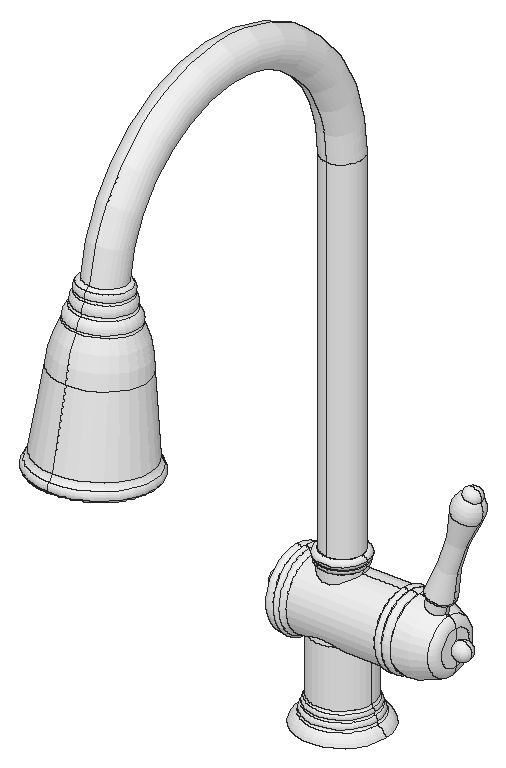
Revit family "Faucet_Kitchen-Pull_Down-DXV-Victorian-D35402300_Series", category Plumbing Fixtures, Revit 2014
Parameters (values of type "D35402300.100")
  Width = 2 1/4"  # constant formula
  Waste Connection = no
  Warranty Documentation Link = "https://www.dxv.com/-/media/files/dxv/warranty/dxv_warranty_booklet.ashx"
  WFU = 2  # constant formula
  Vent Connection = no
  URL = "http://www.dxv.com/"
  Revised Date = "21/09/2017"  # constant formula
  Product Page URL = "https://www.dxv.com/product/victorian-pull-down-kitchen-faucet-by-dxv"
  Product Documentation Link = "https://dxv01.blob.core.windows.net/dxv-product-pdf-files/spec_D35402300_DXV_Victorian_pulldown_kitch_EN.pdf"
  Price = "Prices may vary. Please consult Manufacturer Representative for most up-to-date price list."  # constant formula
  Model = "D35402300.100"
  Material = "Metal-DXV-100-Polished Chrome"
  Length = 8 3/32"  # constant formula
  Hot Water Connection Diameter = 3/8"  # constant formula
  Height = 17 21/32"  # constant formula
  Finish = Metal-DXV-100-Polished Chrome
  Manufacturer = "DXV"  # constant formula
  Installation Type = "Deck Mounted"  # constant formula
  HWFU = 1.5  # constant formula
  HW Connection = yes
  Flow Rate = "1.8 GPM (6.8L/min)"  # constant formula
  Description = "Victorian Pull-Down Kitchen Faucet"  # constant formula
  Default Elevation = 0"
  Creation Date = "07/02/2014"  # constant formula
  Cold Water Connection Diameter = 3/8"  # constant formula
  CalGreen Compliant = yes
  CWFU = 1.5  # constant formula
  CW Connection = yes
  Assembly Code = "D2020300"
  ADA Compliant = yes
Types (4): name | Model | Material | Finish
  (no name) | "D35402300.100" | "Metal-DXV-100-Polished Chrome" | Metal-DXV-100-Polished Chrome
  D35402300.110 | "D35402300.110" | "Metal-DXV-110-Carbon Bronze" | Metal-DXV-110-Carbon Bronze
  D35402300.100 | "D35402300.100" | "Metal-DXV-100-Polished Chrome" | Metal-DXV-100-Polished Chrome
  D35402300.355 | "D35402300.355" | "Metal-DXV-355-Ultra Steel" | Metal-DXV-355-Ultra Steel
Reference planes (in)
  plane 1 "Center (Front/Back)": y = 0
  plane 2: z = 0
  plane 3 "Center (Left/Right)": x = 0
  plane 4: x = 3.375
  plane 5: z = 2.75
  plane 6: y = -8.09375
  plane 7: z = 17.65625
  plane 8: x = 1.125
  plane 9: x = -1.125
  plane 10: y = -1.125
  plane 11: y = 1.125
  plane 12: z = 9.28125
Forms (in)
  Revolve 1, solid, material "Metal-DXV-100-Polished Chrome" <- "Finish"
    sketch origin (-0.207, 0, 0) x (1, 0, 0) y (0, 0, 1)
      loop
        line (0.207, 0) -> (0.207, 4.06933) -> (-0.31793, 4.06933)
        arc (-0.31793, 4.06933) -> (-0.39939, 4.03311) -> (-0.42707, 3.94836) r 0.10972
        arc (-0.42707, 3.94836) -> (-0.41702, 3.91225) -> (-0.39555, 3.88152) r 0.11145
        arc (-0.39555, 3.88152) -> (-0.38709, 3.86413) -> (-0.39088, 3.84517) r 0.03025
        arc (-0.39088, 3.84517) -> (-0.3944, 3.79831) -> (-0.35999, 3.7663) r 0.05423
        arc (-0.35999, 3.7663) -> (-0.34318, 3.75433) -> (-0.33674, 3.73472) r 0.03306
        line (-0.33674, 3.73472) -> (-0.33674, 2.84538)
        arc (-0.33674, 2.84538) -> (-0.35012, 2.754) -> (-0.38912, 2.67029) r 0.31883
        line (-0.38912, 2.67029) -> (-0.43013, 2.60788)
        arc (-0.43013, 2.60788) -> (-0.53116, 2.39107) -> (-0.5658, 2.15439) r 0.82575
        line (-0.5658, 2.15439) -> (-0.5658, 0.67364)
        arc (-0.5658, 0.67364) -> (-0.57355, 0.63557) -> (-0.59555, 0.60355) r 0.09748
        arc (-0.59555, 0.60355) -> (-0.62617, 0.55196) -> (-0.62632, 0.49197) r 0.11381
        arc (-0.62632, 0.49197) -> (-0.62739, 0.46283) -> (-0.64476, 0.43941) r 0.04921
        arc (-0.64476, 0.43941) -> (-0.6885, 0.38302) -> (-0.69573, 0.31201) r 0.12949
        arc (-0.69573, 0.31201) -> (-0.70041, 0.27724) -> (-0.72452, 0.25176) r 0.05718
        arc (-0.72452, 0.25176) -> (-0.84771, 0.1462) -> (-0.918, 0) r 0.39449
        line (-0.918, 0) -> (0.207, 0)
      axis (0.207, 4.06933) -> (0.207, 0)
    angle from 0 to 360
  Sweep 2, solid, material "Metal-DXV-100-Polished Chrome" <- "Finish"
    path origin (0, 0, 0) x (0, 1, 0) y (0, 0, 1)
      loop
        line (0, 3.2499) -> (0, 13.28657)
        arc (0, 13.28657) -> (-4.01287, 17.16288) -> (-7.74799, 13.01826) r 3.87864
    profile origin (0, 0, 8.26823) x (0, -1, 0) y (1, 0, 0)
      loop
        circle (0, 0) r 0.5
  Revolve 3, solid, material "Metal-DXV-100-Polished Chrome" <- "Finish"
    sketch origin (0, 0.34116, -0.14388) x (0, 1, 0) y (0, 0, 1)
      loop
        line (-8.4754, 9.44918) -> (-7.87358, 9.39458) -> (-7.86954, 9.43908)
        arc (-7.86954, 9.43908) -> (-7.44628, 9.42553) -> (-7.02281, 9.42483) r 13.96017
        arc (-7.02281, 9.42483) -> (-7.00199, 9.43028) -> (-6.98614, 9.44482) r 0.04473
        arc (-6.98614, 9.44482) -> (-6.95701, 9.55388) -> (-6.99977, 9.65835) r 0.17689
        arc (-6.99977, 9.65835) -> (-7.04852, 9.73472) -> (-7.07338, 9.82185) r 0.31329
        arc (-7.07338, 9.82185) -> (-7.15441, 10.79237) -> (-7.13913, 11.76616) r 9.84161
        arc (-7.13913, 11.76616) -> (-7.1632, 12.32706) -> (-7.30699, 12.86976) r 2.60259
        arc (-7.30699, 12.86976) -> (-7.31329, 12.8978) -> (-7.31124, 12.92646) r 0.09867
        arc (-7.31124, 12.92646) -> (-7.31958, 13.0766) -> (-7.40464, 13.20059) r 0.27895
        arc (-7.40464, 13.20059) -> (-7.42567, 13.23375) -> (-7.42361, 13.27296) r 0.06459
        arc (-7.42361, 13.27296) -> (-7.40741, 13.40078) -> (-7.45091, 13.52206) r 0.27641
        arc (-7.45091, 13.52206) -> (-7.46145, 13.55224) -> (-7.45661, 13.58383) r 0.0662
        arc (-7.45661, 13.58383) -> (-7.44087, 13.67158) -> (-7.46369, 13.75776) r 0.20596
        arc (-7.46369, 13.75776) -> (-7.5119, 13.81186) -> (-7.58019, 13.83612) r 0.14598
        line (-7.58019, 13.83612) -> (-8.07337, 13.88086) -> (-8.4754, 9.44918)
      axis (-8.07337, 13.88086) -> (-8.4754, 9.44918)
    angle from 0 to 360
  Revolve 4, solid, material "Metal-DXV-100-Polished Chrome" <- "Finish"
    sketch origin (-0.14426, 0, 0.28313) x (1, 0, 0) y (0, 0, 1)
      loop
        line (2.12219, 2.46687) -> (2.12219, 1.81126)
        arc (2.12219, 1.81126) -> (2.58577, 2.00329) -> (2.7778, 2.46687) r 0.6556
        line (2.7778, 2.46687) -> (2.12219, 2.46687)
      axis (2.7778, 2.46687) -> (2.12219, 2.46687)
    angle from 0 to 360
  Extrusion 5, solid, material "Metal-DXV-100-Polished Chrome" <- "Finish"
    sketch origin (0, 0, 0) x (1, 0, 0) y (0, 1, 0)
      loop
        circle (-0.30469, -0.00024) r 0.1875
      loop
        circle (0.30469, -0.00024) r 0.1875
    from -0.02944 to 0.27207
  Revolve 6, solid, material "Metal-DXV-100-Polished Chrome" <- "Finish"
    sketch origin (0.00092, 0, 0) x (1, 0, 0) y (0, 0, 1)
      loop
        line (3.375, 2.75) -> (-1.82126, 2.75)
        arc (-1.82126, 2.75) -> (-1.66604, 2.48533) -> (-1.36333, 2.53545) r 0.27082
        arc (-1.36333, 2.53545) -> (-1.35986, 2.37879) -> (-1.35453, 2.22218) r 13.21272
        arc (-1.35453, 2.22218) -> (-1.34503, 2.18718) -> (-1.32126, 2.15979) r 0.08127
        arc (-1.32126, 2.15979) -> (-1.30817, 2.14498) -> (-1.30251, 2.12605) r 0.04602
        arc (-1.30251, 2.12605) -> (-1.28795, 1.99441) -> (-1.26394, 1.86416) r 1.83867
        arc (-1.26394, 1.86416) -> (-1.17705, 1.76581) -> (-1.04755, 1.78717) r 0.13555
        arc (-1.04755, 1.78717) -> (-1.02833, 1.7912) -> (-1.01354, 1.77828) r 0.02202
        arc (-1.01354, 1.77828) -> (-0.94622, 1.73244) -> (-0.87751, 1.77616) r 0.07405
        arc (-0.87751, 1.77616) -> (-0.82899, 1.83271) -> (-0.75752, 1.85382) r 0.13152
        line (-0.75752, 1.85382) -> (1.54253, 1.85382)
        arc (1.54253, 1.85382) -> (1.55853, 1.85044) -> (1.57181, 1.84087) r 0.03958
        arc (1.57181, 1.84087) -> (1.64499, 1.80677) -> (1.72064, 1.83501) r 0.10449
        arc (1.72064, 1.83501) -> (1.73751, 1.84217) -> (1.755, 1.8367) r 0.02656
        arc (1.755, 1.8367) -> (1.86191, 1.80924) -> (1.95566, 1.8675) r 0.14048
        arc (1.95566, 1.8675) -> (1.97223, 1.9011) -> (1.97793, 1.93812) r 0.12308
        line (1.97793, 1.93812) -> (1.97793, 1.81735)
        arc (1.97793, 1.81735) -> (2.39957, 1.88669) -> (2.79699, 2.04368) r 2.00798
        arc (2.79699, 2.04368) -> (2.90991, 2.14989) -> (2.95155, 2.29922) r 0.28852
        line (2.95155, 2.29922) -> (2.95155, 2.62054)
        arc (2.95155, 2.62054) -> (3.21117, 2.5286) -> (3.375, 2.75) r 0.23151
      axis (3.375, 2.75) -> (-1.82126, 2.75)
    angle from 0 to 360
  Revolve 7, solid, material "Metal-DXV-100-Polished Chrome" <- "Finish"
    sketch origin (0.08671, 0, -0.08579) x (1, 0, 0) y (0, 0, 1)
      loop
        line (2.27429, 3.34533) -> (2.45432, 3.28683)
        arc (2.45432, 3.28683) -> (2.52338, 3.29318) -> (2.56632, 3.34764) r 0.08785
        line (2.56632, 3.34764) -> (2.69414, 3.82469)
        arc (2.69414, 3.82469) -> (2.70453, 3.83786) -> (2.72122, 3.8394) r 0.02124
        line (2.72122, 3.8394) -> (2.76452, 3.82533)
        arc (2.76452, 3.82533) -> (2.79686, 3.8298) -> (2.81338, 3.85797) r 0.03742
        arc (2.81338, 3.85797) -> (3.03223, 4.94708) -> (3.50257, 5.95347) r 4.66119
        arc (3.50257, 5.95347) -> (3.58092, 6.20963) -> (3.52174, 6.47088) r 0.52136
        arc (3.52174, 6.47088) -> (3.51355, 6.63694) -> (3.37229, 6.72462) r 0.17898
        line (3.37229, 6.72462) -> (2.27429, 3.34533)
      axis (3.37229, 6.72462) -> (2.27429, 3.34533)
    angle from 0 to 360
  Extrusion 8, void
    sketch origin (-0.15973, 0, 0.27407) x (1, 0, 0) y (0, 0, 1)
      loop
        line (2.13858, 3.49887) -> (2.13858, 1.4645) -> (2.5259, 1.4645) -> (2.16986, 2.16326) -> (2.16986, 3.49887) -> (2.13858, 3.49887)
    from -1.02205 to 1.02819
  Extrusion 9, solid, material "Rubber-DXV-Black"
    sketch origin (0, 0, 0) x (0, 1, 0) y (0, 0, 1)
      loop
        line (-7.10253, 12.35018) -> (-7.29981, 9.9348) -> (-6.69525, 10.09679)
        arc (-6.69525, 10.09679) -> (-6.50452, 10.23034) -> (-6.44425, 10.45524) r 0.34039
        line (-6.44425, 10.45524) -> (-6.5043, 11.14157)
        arc (-6.5043, 11.14157) -> (-6.60715, 11.58705) -> (-6.8288, 11.98693) r 1.64255
        line (-6.8288, 11.98693) -> (-7.10253, 12.35018)
    from -0.26875 to 0.28403
Cuts and joins
  Extrusion 8 cuts Revolve 1
  Extrusion 8 cuts Sweep 2
  Extrusion 8 cuts Revolve 3
  Extrusion 8 cuts Revolve 6
  joined: Revolve 1, Sweep 2, Revolve 3, Revolve 4, Revolve 6
Lines and regions (in)
  Masking region 1
    outline origin (0, 0, 0) x (1, 0, 0) y (0, 1, 0)
      loop
        arc (0.68047, 0.89587) -> (-0.00167, 1.125) -> (-0.68313, 0.89384) r 1.125
        line (-0.68313, 0.89384) -> (-0.75579, 0.89384)
        arc (-0.75579, 0.89384) -> (-0.82992, 0.9266) -> (-0.88605, 0.98506) r 0.20938
        arc (-0.88605, 0.98506) -> (-0.952, 1.01745) -> (-1.01131, 0.9741) r 0.07099
        arc (-1.01131, 0.9741) -> (-1.03296, 0.96037) -> (-1.058, 0.96587) r 0.03365
        arc (-1.058, 0.96587) -> (-1.15811, 0.98694) -> (-1.24303, 0.9299) r 0.13152
        arc (-1.24303, 0.9299) -> (-1.28227, 0.78182) -> (-1.30136, 0.62982) r 1.14346
        arc (-1.30136, 0.62982) -> (-1.30481, 0.60652) -> (-1.32044, 0.58891) r 0.04125
        arc (-1.32044, 0.58891) -> (-1.34195, 0.56708) -> (-1.35112, 0.53784) r 0.06523
        arc (-1.35112, 0.53784) -> (-1.35935, 0.37629) -> (-1.36241, 0.21455) r 5.07309
        arc (-1.36241, 0.21455) -> (-1.82692, 0) -> (-1.36241, -0.21455) r 0.2818
        arc (-1.36241, -0.21455) -> (-1.35935, -0.37629) -> (-1.35112, -0.53784) r 5.07309
        arc (-1.35112, -0.53784) -> (-1.34195, -0.56708) -> (-1.32044, -0.58891) r 0.06523
        arc (-1.32044, -0.58891) -> (-1.30481, -0.60652) -> (-1.30136, -0.62982) r 0.04125
        arc (-1.30136, -0.62982) -> (-1.28227, -0.78182) -> (-1.24303, -0.9299) r 1.14346
        arc (-1.24303, -0.9299) -> (-1.15811, -0.98694) -> (-1.058, -0.96587) r 0.13152
        arc (-1.058, -0.96587) -> (-1.03296, -0.96037) -> (-1.01131, -0.9741) r 0.03365
        arc (-1.01131, -0.9741) -> (-0.952, -1.01745) -> (-0.88605, -0.98506) r 0.07099
        arc (-0.88605, -0.98506) -> (-0.82992, -0.9266) -> (-0.75579, -0.89384) r 0.20938
        line (-0.75579, -0.89384) -> (-0.68313, -0.89384)
        arc (-0.68313, -0.89384) -> (-0.5943, -0.95521) -> (-0.5, -1.00778) r 1.125
        line (-0.5, -1.00778) -> (-0.5, -6.7039)
        arc (-0.5, -6.7039) -> (0, -9.64532) -> (0.5, -6.7039) r 1.51321
        line (0.5, -6.7039) -> (0.5, -1.00778)
        arc (0.5, -1.00778) -> (0.59288, -0.95609) -> (0.68047, -0.89587) r 1.125
        line (0.68047, -0.89587) -> (1.53464, -0.89587)
        arc (1.53464, -0.89587) -> (1.55057, -0.89783) -> (1.56404, -0.90657) r 0.03569
        arc (1.56404, -0.90657) -> (1.64085, -0.94158) -> (1.72089, -0.91479) r 0.11515
        arc (1.72089, -0.91479) -> (1.73658, -0.90908) -> (1.75227, -0.91479) r 0.02441
        arc (1.75227, -0.91479) -> (1.89922, -0.93414) -> (1.97885, -0.80914) r 0.13792
        line (1.97885, -0.80914) -> (1.97885, -0.6556) -> (2.01014, -0.6556) -> (2.01014, -0.93064)
        arc (2.01014, -0.93064) -> (2.44224, -0.85291) -> (2.84394, -0.67572) r 1.85329
        arc (2.84394, -0.67572) -> (2.92777, -0.58326) -> (2.94471, -0.45962) r 0.21105
        line (2.94471, -0.45962) -> (2.94471, -0.23573)
        arc (2.94471, -0.23573) -> (2.97628, -0.23985) -> (3.0025, -0.25791) r 0.06793
        arc (3.0025, -0.25791) -> (3.67628, 0) -> (3.0025, 0.25791) r 0.38625
        arc (3.0025, 0.25791) -> (2.97628, 0.23985) -> (2.94471, 0.23573) r 0.06793
        line (2.94471, 0.23573) -> (2.94471, 0.45962)
        arc (2.94471, 0.45962) -> (2.92777, 0.58326) -> (2.84394, 0.67572) r 0.21105
        arc (2.84394, 0.67572) -> (2.44224, 0.85291) -> (2.01014, 0.93064) r 1.85329
        line (2.01014, 0.93064) -> (2.01014, 0.6556) -> (1.97885, 0.6556) -> (1.97885, 0.80914)
        arc (1.97885, 0.80914) -> (1.89922, 0.93414) -> (1.75227, 0.91479) r 0.13792
        arc (1.75227, 0.91479) -> (1.73658, 0.90908) -> (1.72089, 0.91479) r 0.02441
        arc (1.72089, 0.91479) -> (1.64085, 0.94158) -> (1.56404, 0.90657) r 0.11515
        arc (1.56404, 0.90657) -> (1.55057, 0.89783) -> (1.53464, 0.89587) r 0.03569
        line (1.53464, 0.89587) -> (0.68047, 0.89587)
  symbolic lines, detail levels medium+fine
    curve 1: line (-0.5, -6.7039, 0) -> (-0.5, -7.75925, 0)
    curve 2: line (0.5, -6.7039, 0) -> (0.5, -7.75925, 0)
    curve 3: arc (0.5, -7.75925, 0) -> (0, -8.25925, 0) -> (-0.5, -7.75925, 0) r 0.5
    curve 4: line (-0.5, -1.00778, 0) -> (-0.5, 0, 0)
    curve 5: line (-0.68313, -0.89384, 0) -> (-0.5, -0.89384, 0)
    curve 6: line (0.5, -1.00778, 0) -> (0.5, 0, 0)
    curve 7: line (0.68047, -0.89587, 0) -> (0.5, -0.89587, 0)
    curve 8: line (-0.68313, 0.89384, 0) -> (0.68313, 0.89384, 0)
    curve 9: arc (-0.5, 0, 0) -> (0, 0.5, 0) -> (0.5, 0, 0) r 0.5
    curve 15: line (1.97885, 0.6556, 0) -> (1.97885, -0.6556, 0)
    curve 16: line (2.01014, -0.65481, 0) -> (2.01014, 0.6556, 0)
  symbolic lines, detail levels fine
    curve 10: arc (-0.5, -0.58926, 0) -> (0, 0.77281, 0) -> (0.5, -0.58926, 0) r 0.77281
    curve 11: arc (-0.5, -0.21367, 0) -> (0, 0.54374, 0) -> (0.5, -0.21367, 0) r 0.54374
    curve 12: arc (-0.5, -0.39384, 0) -> (0, 0.63101, 0) -> (0.5, -0.39384, 0) r 0.6344
    curve 13: line (-1.36241, 0.21455, 0) -> (-1.36241, -0.21455, 0)
    curve 14: line (2.94471, 0.23573, 0) -> (2.94471, -0.23573, 0)
    curve 17: arc (-0.5, -7.37498, 0) -> (0, -8.38179, 0) -> (0.5, -7.37498, 0) r 0.62756
    curve 18: arc (-0.5, -7.13007, 0) -> (0, -8.64983, 0) -> (0.5, -7.13007, 0) r 0.84213
Dimensions and locks (in)
  plane 5 to plane 2 = 2 3/4"
  "Height": plane 2 to plane 7
  "Length": plane 1 "Center (Front/Back)" to plane 6
  plane 12 to level = 9 9/32"
Automatic sketch dimensions
  Sweep 2 sketch curve to plane 1 "Center (Front/Back)" = 0"
  plane 10 to Sweep 2 sketch curve = 2.75364"
  Sweep 2 sketch curve to plane 6 = 0.34576"
  plane 5 to Sweep 2 sketch curve = 0.4999"
  Sweep 2 sketch curve to plane 3 "Center (Left/Right)" = 0"
  Sweep 2 sketch curve to profile plane = 0"
  Revolve 4 sketch curve to plane 5 = 0"  (x2)
  plane 8 to Revolve 4 sketch curve = 0.85293"
  Revolve 4 sketch curve to Revolve 4 sketch curve = 0.6556"
  Revolve 4 sketch curve to Revolve 4 sketch curve = 1/4"
  Revolve 4 sketch curve to Revolve 4 sketch curve = 0"
  plane 1 "Center (Front/Back)" to Extrusion 5 sketch curve = 0.00024"  (x2)
  Extrusion 5 sketch curve to plane 3 "Center (Left/Right)" = 39/128"
  plane 3 "Center (Left/Right)" to Extrusion 5 sketch curve = 39/128"
  Revolve 6 sketch curve to plane 5 = 0"  (x3)
  Revolve 6 sketch curve to plane 4 = 5.19534"
  Revolve 6 sketch curve to plane 5 = 0.01943"
  Revolve 6 sketch curve to Revolve 6 sketch curve = 0.27012"
  Revolve 6 sketch curve to Revolve 6 sketch curve = 0.20274"
  Revolve 6 sketch curve to Revolve 6 sketch curve = 0.07508"
  Revolve 6 sketch curve to Revolve 6 sketch curve = 0.21679"
  Revolve 6 sketch curve to Revolve 6 sketch curve = 0.09771"
  Revolve 6 sketch curve to Revolve 6 sketch curve = 0.08883"
  Revolve 6 sketch curve to Revolve 6 sketch curve = 0.18754"
  Revolve 6 sketch curve to plane 5 = 0.4877"
  Revolve 6 sketch curve to Revolve 6 sketch curve = 1.28863"
  Revolve 6 sketch curve to Revolve 6 sketch curve = 1.01142"
  Revolve 6 sketch curve to Revolve 6 sketch curve = 0.10658"
  Revolve 6 sketch curve to Revolve 6 sketch curve = 0.08971"
  Revolve 6 sketch curve to Revolve 6 sketch curve = 0.10178"
  Revolve 6 sketch curve to Revolve 6 sketch curve = 0.01426"
  Revolve 6 sketch curve to Revolve 6 sketch curve = 0.02415"
  Revolve 6 sketch curve to Revolve 6 sketch curve = 0.12308"
  Revolve 6 sketch curve to Revolve 6 sketch curve = 0.68511"
  Revolve 6 sketch curve to Revolve 6 sketch curve = 0.28852"
  Revolve 6 sketch curve to Revolve 6 sketch curve = 0.19193"
  Revolve 6 sketch curve to Revolve 6 sketch curve = 0.23151"
  Revolve 6 sketch curve to Revolve 6 sketch curve = 8 121/256"
  Revolve 6 sketch curve to plane 5 = 0.52458"
  Revolve 6 sketch curve to Revolve 6 sketch curve = 0.10279"
  Revolve 6 sketch curve to plane 5 = 0.8019"
  Revolve 6 sketch curve to Revolve 6 sketch curve = 0.00999"
  Revolve 6 sketch curve to Revolve 6 sketch curve = 0.03692"
  Revolve 6 sketch curve to Revolve 6 sketch curve = 0.22912"
  Revolve 6 sketch curve to Revolve 6 sketch curve = 0.05736"
  Revolve 6 sketch curve to Revolve 6 sketch curve = 0.12077"
  Revolve 6 sketch curve to Revolve 6 sketch curve = 0.09554"
  Revolve 6 sketch curve to Revolve 6 sketch curve = 0.03958"
  Revolve 6 sketch curve to Revolve 6 sketch curve = 0.04733"
  Revolve 6 sketch curve to Revolve 6 sketch curve = 0.03659"
  Revolve 6 sketch curve to Revolve 6 sketch curve = 0.13152"
  Revolve 6 sketch curve to Revolve 6 sketch curve = 0.32132"
  plane 5 to Revolve 6 sketch curve = 1.07213"
  Revolve 6 sketch curve to Revolve 6 sketch curve = 1/8"  (x2)
  Revolve 6 sketch curve to plane 5 = 0.21455"
  Revolve 6 sketch curve to Revolve 6 sketch curve = 0"  (x11)
  plane 5 to Revolve 7 sketch curve = 0.50954"
  Revolve 7 sketch curve to plane 4 = 1.014"
  plane 5 to Revolve 7 sketch curve = 0.45104"
  Revolve 7 sketch curve to Revolve 7 sketch curve = 0.18003"
  Revolve 7 sketch curve to Revolve 7 sketch curve = 0.02715"
  plane 5 to Revolve 7 sketch curve = 0.51186"
  Revolve 7 sketch curve to Revolve 7 sketch curve = 0.08485"
  plane 5 to Revolve 7 sketch curve = 0.9889"
  Revolve 7 sketch curve to Revolve 7 sketch curve = 0.12782"
  Revolve 7 sketch curve to Revolve 7 sketch curve = 0.02052"
  plane 5 to Revolve 7 sketch curve = 1.00361"
  Revolve 7 sketch curve to Revolve 7 sketch curve = 0.00656"
  plane 5 to Revolve 7 sketch curve = 0.98954"
  Revolve 7 sketch curve to Revolve 7 sketch curve = 0.04329"
  Revolve 7 sketch curve to Revolve 7 sketch curve = 0.01156"
  Revolve 7 sketch curve to Revolve 7 sketch curve = 0.28384"
  Revolve 7 sketch curve to Revolve 7 sketch curve = 0.29941"
  plane 5 to Revolve 7 sketch curve = 0.655"
  Revolve 7 sketch curve to Revolve 7 sketch curve = 4.684"
  Revolve 7 sketch curve to Revolve 7 sketch curve = 0.03559"
  Revolve 7 sketch curve to Revolve 7 sketch curve = 0.4957"
  Revolve 7 sketch curve to Revolve 7 sketch curve = 0.17851"
  Revolve 7 sketch curve to Revolve 7 sketch curve = 0"  (x2)
  plane 5 to Revolve 7 sketch curve = 2.41743"
  Revolve 7 sketch curve to Revolve 7 sketch curve = 0.60837"
  plane 5 to Revolve 7 sketch curve = 2.81488"
  Revolve 7 sketch curve to Revolve 7 sketch curve = 0.12914"
  plane 5 to Extrusion 8 sketch curve = 1.02294"
  Extrusion 8 sketch curve to plane 4 = 1.39615"
  Extrusion 8 sketch curve to Extrusion 8 sketch curve = 0.03129"
  Extrusion 8 sketch curve to plane 5 = 1.01143"
  Extrusion 8 sketch curve to Extrusion 8 sketch curve = 0.38732"
  Extrusion 8 sketch curve to plane 5 = 0.31267"
  Revolve 1 sketch curve to level = 0"  (x2)
  plane 9 to Revolve 1 sketch curve = 0"
  Revolve 1 sketch curve to plane 3 "Center (Left/Right)" = 0"  (x2)
  Revolve 1 sketch curve to plane 9 = 0.16599"
  Revolve 1 sketch curve to Revolve 1 sketch curve = 0.07818"
  Revolve 1 sketch curve to Revolve 1 sketch curve = 0.01054"
  Revolve 1 sketch curve to plane 9 = 0.26243"
  Revolve 1 sketch curve to Revolve 1 sketch curve = 0.10554"
  Revolve 1 sketch curve to Revolve 1 sketch curve = 0.09748"
  Revolve 1 sketch curve to level = 0.09418"
  Revolve 1 sketch curve to plane 9 = 0.38308"
  Revolve 1 sketch curve to Revolve 1 sketch curve = 0.04935"
  Revolve 1 sketch curve to plane 5 = 0.14212"
  Revolve 1 sketch curve to Revolve 1 sketch curve = 0.22543"
  Revolve 1 sketch curve to plane 9 = 0.50091"
  Revolve 1 sketch curve to plane 5 = 0.07971"
  Revolve 1 sketch curve to Revolve 1 sketch curve = 0.04101"
  Revolve 1 sketch curve to Revolve 1 sketch curve = 0.04729"
  Revolve 1 sketch curve to Revolve 1 sketch curve = 0.07318"
  Revolve 1 sketch curve to Revolve 1 sketch curve = 0.03306"
  Revolve 1 sketch curve to Revolve 1 sketch curve = 0.09916"
  Revolve 1 sketch curve to Revolve 1 sketch curve = 0.00172"
  plane 3 "Center (Left/Right)" to Revolve 1 sketch curve = 0.05294"
  level to Revolve 1 sketch curve = 0.3019"
  Revolve 1 sketch curve to Revolve 1 sketch curve = 0.08316"
  Revolve 1 sketch curve to Revolve 1 sketch curve = 0.1442"
  Revolve 1 sketch curve to Revolve 1 sketch curve = 0.04258"
  Revolve 1 sketch curve to Revolve 1 sketch curve = 0.15194"
  Revolve 1 sketch curve to Revolve 1 sketch curve = 0.88934"
  Revolve 1 sketch curve to Revolve 1 sketch curve = 0.08336"
  Revolve 1 sketch curve to Revolve 1 sketch curve = 0.04219"
  Revolve 1 sketch curve to Revolve 1 sketch curve = 0.09933"
  Revolve 1 sketch curve to Revolve 1 sketch curve = 0.00018"
  Revolve 1 sketch curve to Revolve 1 sketch curve = 0.10954"
  Revolve 1 sketch curve to Revolve 1 sketch curve = 0"  (x7)
  Revolve 1 sketch curve to level = 1/4"
  plane 7 to Sweep 2 sketch curve = 4.36968"
  plane 4 to Revolve 7 sketch curve = 0.084"
  plane 6 to Revolve 3 sketch curve = 1.30128"
  plane 6 to Revolve 3 sketch curve = 0.04048"
  Revolve 3 sketch curve to plane 6 = 0.36154"
  Revolve 3 sketch curve to plane 12 = 0.03055"
  Revolve 3 sketch curve to plane 6 = 0.56134"
  plane 12 to Revolve 3 sketch curve = 0.01395"
  Revolve 3 sketch curve to Revolve 3 sketch curve = 0.00404"
  Revolve 3 sketch curve to Revolve 3 sketch curve = 0.3912"
  Revolve 3 sketch curve to Revolve 3 sketch curve = 0.03551"
  Revolve 3 sketch curve to Revolve 3 sketch curve = 0.05328"
  Revolve 3 sketch curve to Revolve 3 sketch curve = 0.09855"
  Revolve 3 sketch curve to Revolve 3 sketch curve = 0.01319"
  Revolve 3 sketch curve to Revolve 3 sketch curve = 0.19786"
  Revolve 3 sketch curve to Revolve 3 sketch curve = 0.03233"
  Revolve 3 sketch curve to Revolve 3 sketch curve = 0.1483"
  Revolve 3 sketch curve to plane 6 = 1.2236"
  plane 12 to Revolve 3 sketch curve = 0.11748"
  Revolve 3 sketch curve to Revolve 3 sketch curve = 0.736"
  plane 12 to Revolve 3 sketch curve = 0.04442"
  Revolve 3 sketch curve to Revolve 3 sketch curve = 0.11013"
  Revolve 3 sketch curve to Revolve 3 sketch curve = 0.26056"
  plane 11 to Revolve 3 sketch curve = 1.89774"
  plane 12 to Revolve 3 sketch curve = 0.4382"
  plane 12 to Revolve 3 sketch curve = 1.69987"
  plane 12 to Revolve 3 sketch curve = 2.51057"
  Revolve 3 sketch curve to Revolve 3 sketch curve = 0.93095"
  Revolve 3 sketch curve to Revolve 3 sketch curve = 0.08146"
  Revolve 3 sketch curve to Revolve 3 sketch curve = 0.2635"
  Revolve 3 sketch curve to Revolve 3 sketch curve = 0.12054"
  Revolve 3 sketch curve to Revolve 3 sketch curve = 0.30819"
  Revolve 3 sketch curve to Revolve 3 sketch curve = 0.17292"
  Revolve 3 sketch curve to Revolve 3 sketch curve = 0.02754"
  Revolve 3 sketch curve to plane 7 = 5.58359"
  plane 6 to Revolve 3 sketch curve = 0.06409"
  plane 12 to Revolve 3 sketch curve = 0.01277"
  Revolve 3 sketch curve to Revolve 3 sketch curve = 0.00102"
  Revolve 3 sketch curve to Revolve 3 sketch curve = 0"  (x11)
  Revolve 3 sketch curve to plane 12 = 0.23621"
  plane 6 to Extrusion 9 sketch curve = 0.04685"
  Extrusion 9 sketch curve to plane 6 = 0.79394"
  Extrusion 9 sketch curve to plane 6 = 0.99122"
  Extrusion 9 sketch curve to Extrusion 9 sketch curve = 0.27373"
  Extrusion 9 sketch curve to Extrusion 9 sketch curve = 0.51646"
  plane 12 to Extrusion 9 sketch curve = 0.81554"
  Extrusion 9 sketch curve to Extrusion 9 sketch curve = 0.0881"
  Extrusion 9 sketch curve to Extrusion 9 sketch curve = 0.27905"
  plane 12 to Extrusion 9 sketch curve = 1.17399"
  Extrusion 9 sketch curve to Extrusion 9 sketch curve = 0.33909"
  Extrusion 9 sketch curve to Extrusion 9 sketch curve = 0.16199"
  Extrusion 9 sketch curve to Extrusion 9 sketch curve = 1.06362"
  Extrusion 9 sketch curve to Extrusion 9 sketch curve = 0.68633"
  Extrusion 9 sketch curve to Extrusion 9 sketch curve = 0.36325"
  Masking region 1 sketch curve to Masking region 1 sketch curve = 0"  (x17)
  plane 1 "Center (Front/Back)" to Masking region 1 sketch curve = 0"  (x3)
  Masking region 1 sketch curve to plane 3 "Center (Left/Right)" = 0"  (x2)
  Masking region 1 sketch curve to plane 3 "Center (Left/Right)" = 0.15982"  (x2)
  Masking region 1 sketch curve to plane 11 = 0.02688"
  Masking region 1 sketch curve to plane 9 = 0.41518"  (x2)
  Masking region 1 sketch curve to plane 10 = 0.02688"
  Masking region 1 sketch curve to Masking region 1 sketch curve = 0.04597"  (x2)
  Masking region 1 sketch curve to plane 9 = 0.17919"  (x2)
  Masking region 1 sketch curve to plane 9 = 0.0862"  (x2)
  plane 9 to Masking region 1 sketch curve = 0.00801"  (x2)
  plane 9 to Masking region 1 sketch curve = 0.16104"  (x2)
  Masking region 1 sketch curve to Masking region 1 sketch curve = 0.05615"  (x2)
  plane 9 to Masking region 1 sketch curve = 0.42011"
  Masking region 1 sketch curve to plane 10 = 0.22913"
  plane 8 to Masking region 1 sketch curve = 0.40964"  (x2)
  Masking region 1 sketch curve to Masking region 1 sketch curve = 0.00373"  (x2)
  Masking region 1 sketch curve to Masking region 1 sketch curve = 0.11224"  (x2)
  Masking region 1 sketch curve to Masking region 1 sketch curve = 0.08971"  (x2)
  Masking region 1 sketch curve to Masking region 1 sketch curve = 0.10435"  (x2)
  Masking region 1 sketch curve to Masking region 1 sketch curve = 0.05947"  (x2)
  Masking region 1 sketch curve to Masking region 1 sketch curve = 0.13792"  (x2)
  Masking region 1 sketch curve to Masking region 1 sketch curve = 0.10974"
  Masking region 1 sketch curve to Masking region 1 sketch curve = 0.03129"
  Masking region 1 sketch curve to plane 4 = 0.63851"  (x2)
  Masking region 1 sketch curve to Masking region 1 sketch curve = 0.20822"  (x2)
  Masking region 1 sketch curve to Masking region 1 sketch curve = 0.00723"  (x2)
  Masking region 1 sketch curve to plane 4 = 0.08497"
  plane 4 to Masking region 1 sketch curve = 0.33565"  (x2)
  plane 1 "Center (Front/Back)" to Masking region 1 sketch curve = 51/256"
  plane 6 to Masking region 1 sketch curve = 0.03837"
  Masking region 1 sketch curve to plane 10 = 0.13149"
  Masking region 1 sketch curve to Masking region 1 sketch curve = 0.04679"  (x2)
  Masking region 1 sketch curve to plane 10 = 0.1915"
  Masking region 1 sketch curve to Masking region 1 sketch curve = 0.0355"  (x2)
  Masking region 1 sketch curve to plane 10 = 0.19436"
  Masking region 1 sketch curve to Masking region 1 sketch curve = 0.01125"  (x2)
  Masking region 1 sketch curve to Masking region 1 sketch curve = 0.05288"
  Masking region 1 sketch curve to Masking region 1 sketch curve = 0.13567"
  Masking region 1 sketch curve to Masking region 1 sketch curve = 0.06929"  (x2)
  Masking region 1 sketch curve to Masking region 1 sketch curve = 0.1215"
  Masking region 1 sketch curve to Masking region 1 sketch curve = 0.15354"  (x2)
  Masking region 1 sketch curve to Masking region 1 sketch curve = 0.23388"
  Masking region 1 sketch curve to plane 10 = 0.56136"
  Masking region 1 sketch curve to Masking region 1 sketch curve = 0.09047"  (x2)
  plane 1 "Center (Front/Back)" to Masking region 1 sketch curve = 0.49407"
  Masking region 1 sketch curve to Masking region 1 sketch curve = 0.03445"  (x2)
  Masking region 1 sketch curve to Masking region 1 sketch curve = 0.15635"  (x2)
  Masking region 1 sketch curve to Masking region 1 sketch curve = 0.06754"  (x2)
  Masking region 1 sketch curve to plane 1 "Center (Front/Back)" = 51/256"
  Masking region 1 sketch curve to plane 1 "Center (Front/Back)" = 0.23573"
  Masking region 1 sketch curve to plane 1 "Center (Front/Back)" = 0.53349"
  Masking region 1 sketch curve to plane 11 = 0.56136"
  Masking region 1 sketch curve to Masking region 1 sketch curve = 0.01745"
  Masking region 1 sketch curve to plane 11 = 0.26716"
  Masking region 1 sketch curve to Masking region 1 sketch curve = 0.20428"
  Masking region 1 sketch curve to Masking region 1 sketch curve = 0.11026"
  Masking region 1 sketch curve to Masking region 1 sketch curve = 0.10691"
  Masking region 1 sketch curve to plane 11 = 0.17828"
  Masking region 1 sketch curve to Masking region 1 sketch curve = 0.07265"  (x2)
  Masking region 1 sketch curve to Masking region 1 sketch curve = 0.02749"  (x2)
  plane 9 to Masking region 1 sketch curve = 0.11803"  (x2)
  Masking region 1 sketch curve to Masking region 1 sketch curve = 0.04083"  (x2)
  Masking region 1 sketch curve to plane 1 "Center (Front/Back)" = 0.21455"
  Masking region 1 sketch curve to plane 10 = 0.11722"  (x2)
  Masking region 1 sketch curve to plane 8 = 0.44453"
  Masking region 1 sketch curve to plane 6 = 1.38985"
  Masking region 1 sketch curve to Masking region 1 sketch curve = 0.18047"
  curve 9 to curve 10 = 0"  (x2)
  curve 9 to curve 11 = 0"  (x2)
  curve 10 to curve 11 = 0"  (x2)
  plane 1 "Center (Front/Back)" to curve 4 = 0"
  curve 17 to plane 3 "Center (Left/Right)" = 0"
  curve 9 to plane 3 "Center (Left/Right)" = 0"
  curve 3 to plane 3 "Center (Left/Right)" = 0"
  curve 12 to plane 3 "Center (Left/Right)" = 0"
  curve 18 to plane 3 "Center (Left/Right)" = 0"
  curve 4 to curve 9 = 1/2"
  curve 1 to plane 3 "Center (Left/Right)" = 1/2"
  curve 12 to curve 9 = 0.00338"
  curve 17 to plane 6 = 0.33952"
  curve 3 to curve 17 = 0.00502"
  curve 18 to curve 3 = 0.04845"
  curve 5 to curve 5 = 0.18313"
  curve 8 to plane 9 = 0.44187"
  plane 9 to curve 13 = 0.23741"
  curve 7 to curve 7 = 0.18047"
  curve 8 to plane 8 = 0.44187"
  plane 8 to curve 15 = 0.85385"
  curve 15 to curve 16 = 0.03129"
  curve 14 to plane 4 = 0.43029"
  curve 11 to curve 6 = 0.21367"
  plane 1 "Center (Front/Back)" to curve 13 = 0.21455"
  plane 1 "Center (Front/Back)" to curve 14 = 0.23573"
  curve 12 to curve 11 = 0.18017"
  curve 10 to curve 12 = 0.19542"
  curve 16 to plane 10 = 0.47019"
  curve 15 to curve 16 = 0.00079"
  curve 5 to plane 10 = 0.23116"
  curve 7 to plane 10 = 0.22913"
  curve 6 to curve 7 = 0.11191"
  curve 4 to curve 5 = 0.11394"
  curve 1 to curve 1 = 1.05534"
  curve 1 to curve 2 = 0"
  curve 18 to curve 1 = 0.42617"
  curve 17 to curve 18 = 0.24491"
  curve 13 to plane 1 "Center (Front/Back)" = 0.21455"
  curve 14 to plane 1 "Center (Front/Back)" = 0.23573"
  curve 15 to plane 11 = 0.4694"
  curve 15 to curve 16 = 0"
  curve 8 to plane 11 = 0.23116"
  radius of Sweep 2 sketch curve = 1/2"
  radius of Extrusion 5 sketch curve = 3/16"  (x2)
Connectors (in)
  piping at (-0.30469, -0.00024, -0.02944), diameter 0.375, driven by "HWFU", driven by "Hot Water Connection Diameter"
    settings: on Extrusion 5, index 1, connector inside diameter 24", connector length 0", flow factor 0, pipe flow 0 GPM, pressure drop 0.00 psi, fitting loss kfactor 0, connector angle 0.00°, fixture units 1.5, engagement length 0", angle of deflection 0.00°, flow configuration 3, flow direction 1, fitting loss method 0, system type 19, joint type 0, gender type 0, connector reference index -1, connector utility 0, adjustable connector no, is connector primary yes, connector description "3/8\" HW Inlet"
  piping at (0.30469, -0.00024, -0.02944), diameter 0.375, driven by "Cold Water Connection Diameter", driven by "CWFU"
    settings: on Extrusion 5, index 2, connector inside diameter 24", connector length 0", flow factor 0, pipe flow 0 GPM, pressure drop 0.00 psi, fitting loss kfactor 0, connector angle 0.00°, fixture units 1.5, engagement length 0", angle of deflection 0.00°, flow configuration 3, flow direction 1, fitting loss method 0, system type 20, joint type 0, gender type 0, connector reference index -1, connector utility 0, adjustable connector no, is connector primary no, connector description "3/8\" CW Inlet"
